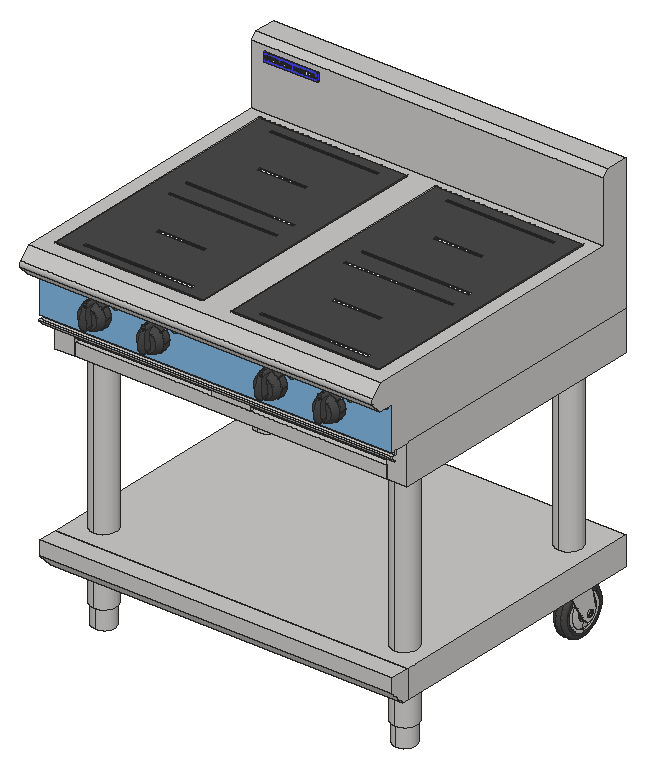
Revit family "QF_Moffat_IN514R3-LS_Induction_Cooktop_cat", category Specialty Equipment, Revit 2019
Family settings
  Round Connector Dimension = Use Diameter
  Part Type = Normal
  Work Plane-Based = No
  Always vertical = Yes
  Cut with Voids When Loaded = No
  Shared = No
  Room Calculation Point = No
Parameters (values of type "IN514R3-LS_415/60/3")
  Weight in Kilograms = 105
  Watts = 8300 W
  Volts = 415 V
  URL Cutsheet = ""
  Specification by User = ""
  Specification by Manufacturer = ""
  Show Logo [instance] = yes
  Show Legs [instance] = not(Show Castors)  # no
  Show Castors [instance] = yes
  Serial Number = ""
  Seismic Rating = ""
  SMACNA No = ""
  Revision Code = ""
  Phase = 3
  Number of Poles = 1
  NAFEM Spec ID Number = ""
  Model = "IN514R3-LS"
  Min Ckt Ampacity = 0 A
  Max Overcurrent Protection = 0 A
  Masterspec = ""
  Manufacturer = "Moffat"
  Length = 900 mm
  Item Number = ""
  Installed By = ""
  Identify Quantity as Lot = yes
  Height = 1085 mm
  HP = ""
  Furnished By = ""
  Foodservice Equipment Identifier = yes
  FL Amps = 20 A
  Electrical Remarks = ""
  Electric Connection Type = ""
  Elec Conn RI Height = 0 mm
  Elec Conn Connection Height = 0 mm
  Description = "Induction Cooktop"
  Depth = 812.2 mm
  Cycle = 60 Hz
  Conn Plug = ""
  Conn Conduit = yes
  CSI MasterFormat = ""
  Apparent Power = if(Phase = 3, Volts * FL Amps * 1.73, Volts * FL Amps)  # 14359 VA
Reference planes
  plane 1 "BACK": y = 0
  plane 2: z = 0
  plane 3 "LEFT": x = 0
  plane 4 "RIGHT": x = 900
  plane 5 "FRONT": y = -812.2
  plane 6 "TOP": z = 1085
  plane 7 "Center Y": x = 450
  plane 8 "Center X": y = -406.1
  plane 9: x = 65.5
  plane 10: x = 834.5
  plane 11: y = -30
  plane 12: x = 770
  plane 13: z = 635
  plane 14: y = -100
  plane 15: y = -625
  plane 16: z = 150
Forms (mm)
  Extrusion 1, solid, material "QF_Metal_Stainless_Polished"
    sketch origin (0, 0, 560) x (0, 1, 0) y (0, 0, 1)
      loop
        line (0, 180) -> (0, 525) -> (-57, 525) -> (-70, 512) -> (-70, 354.5) -> (-784.171, 354.5) -> (-808.685, 329.985)
        arc (-808.685, 329.985) -> (-812.2, 321.5) -> (-808.685, 313.015) r 12
        line (-808.685, 313.015) -> (-785.171, 289.5) -> (-749, 289.5) -> (-749, 180) -> (0, 180)
    from 0 to 900
  Extrusion 2, void
    sketch origin (0, -784.171, 914.5) x (0, 1, 0) y (-1, 0, 0)
      loop
        arc (44.671, -33.5) -> (40.428, -35.257) -> (38.671, -39.5) r 6
        line (38.671, -39.5) -> (38.671, -410.5)
        arc (38.671, -410.5) -> (40.428, -414.743) -> (44.671, -416.5) r 6
        line (44.671, -416.5) -> (690.671, -416.5)
        arc (690.671, -416.5) -> (694.913, -414.743) -> (696.671, -410.5) r 6
        line (696.671, -410.5) -> (696.671, -39.5)
        arc (696.671, -39.5) -> (694.913, -35.257) -> (690.671, -33.5) r 6
        line (690.671, -33.5) -> (44.671, -33.5)
      loop
        arc (44.671, -483.5) -> (40.428, -485.257) -> (38.671, -489.5) r 6
        line (38.671, -489.5) -> (38.671, -860.5)
        arc (38.671, -860.5) -> (40.428, -864.743) -> (44.671, -866.5) r 6
        line (44.671, -866.5) -> (690.671, -866.5)
        arc (690.671, -866.5) -> (694.913, -864.743) -> (696.671, -860.5) r 6
        line (696.671, -860.5) -> (696.671, -489.5)
        arc (696.671, -489.5) -> (694.913, -485.257) -> (690.671, -483.5) r 6
        line (690.671, -483.5) -> (44.671, -483.5)
    from 0 to -9.5
  Extrusion 3, solid, material "QF_Plastic_White_Smooth"
    sketch origin (0, -784.171, 905) x (0, 1, 0) y (-1, 0, 0)
      loop
        line (660.921, -362.5) -> (666.921, -362.5) -> (666.921, -87.5) -> (660.921, -87.5) -> (660.921, -362.5)
      loop
        line (526.421, -285) -> (532.421, -285) -> (532.421, -165) -> (526.421, -165) -> (526.421, -285)
      loop
        line (397.921, -87.5) -> (391.921, -87.5) -> (391.921, -362.5) -> (397.921, -362.5) -> (397.921, -87.5)
      loop
        line (337.421, -362.5) -> (343.421, -362.5) -> (343.421, -87.5) -> (337.421, -87.5) -> (337.421, -362.5)
      loop
        line (202.921, -285) -> (208.921, -285) -> (208.921, -165) -> (202.921, -165) -> (202.921, -285)
      loop
        line (68.421, -362.5) -> (74.421, -362.5) -> (74.421, -87.5) -> (68.421, -87.5) -> (68.421, -362.5)
      loop
        line (68.421, -812.5) -> (74.421, -812.5) -> (74.421, -537.5) -> (68.421, -537.5) -> (68.421, -812.5)
      loop
        line (202.921, -735) -> (208.921, -735) -> (208.921, -615) -> (202.921, -615) -> (202.921, -735)
      loop
        line (343.421, -537.5) -> (337.421, -537.5) -> (337.421, -812.5) -> (343.421, -812.5) -> (343.421, -537.5)
      loop
        line (391.921, -812.5) -> (397.921, -812.5) -> (397.921, -537.5) -> (391.921, -537.5) -> (391.921, -812.5)
      loop
        line (526.421, -735) -> (532.421, -735) -> (532.421, -615) -> (526.421, -615) -> (526.421, -735)
      loop
        line (660.921, -812.5) -> (666.921, -812.5) -> (666.921, -537.5) -> (660.921, -537.5) -> (660.921, -812.5)
    from 0 to 9.5
  Extrusion 4, solid, material "QF_Plastic_Black_Smooth"
    sketch origin (0, -784.171, 914.5) x (0, 1, 0) y (-1, 0, 0)
      loop
        line (690.671, -37.5) -> (44.671, -37.5)
        arc (44.671, -37.5) -> (43.256, -38.086) -> (42.671, -39.5) r 2
        line (42.671, -39.5) -> (42.671, -410.5)
        arc (42.671, -410.5) -> (43.256, -411.914) -> (44.671, -412.5) r 2
        line (44.671, -412.5) -> (690.671, -412.5)
        arc (690.671, -412.5) -> (692.085, -411.914) -> (692.671, -410.5) r 2
        line (692.671, -410.5) -> (692.671, -39.5)
        arc (692.671, -39.5) -> (692.085, -38.086) -> (690.671, -37.5) r 2
      loop
        line (690.671, -487.5) -> (44.671, -487.5)
        arc (44.671, -487.5) -> (43.256, -488.086) -> (42.671, -489.5) r 2
        line (42.671, -489.5) -> (42.671, -860.5)
        arc (42.671, -860.5) -> (43.256, -861.914) -> (44.671, -862.5) r 2
        line (44.671, -862.5) -> (690.671, -862.5)
        arc (690.671, -862.5) -> (692.085, -861.914) -> (692.671, -860.5) r 2
        line (692.671, -860.5) -> (692.671, -489.5)
        arc (692.671, -489.5) -> (692.085, -488.086) -> (690.671, -487.5) r 2
      loop
        line (666.921, -362.5) -> (666.921, -87.5) -> (660.921, -87.5) -> (660.921, -362.5) -> (666.921, -362.5)
      loop
        line (532.421, -285) -> (532.421, -165) -> (526.421, -165) -> (526.421, -285) -> (532.421, -285)
      loop
        line (397.921, -362.5) -> (397.921, -87.5) -> (391.921, -87.5) -> (391.921, -362.5) -> (397.921, -362.5)
      loop
        line (343.421, -87.5) -> (337.421, -87.5) -> (337.421, -362.5) -> (343.421, -362.5) -> (343.421, -87.5)
      loop
        line (208.921, -165) -> (202.921, -165) -> (202.921, -285) -> (208.921, -285) -> (208.921, -165)
      loop
        line (68.421, -362.5) -> (74.421, -362.5) -> (74.421, -87.5) -> (68.421, -87.5) -> (68.421, -362.5)
      loop
        line (666.921, -537.5) -> (660.921, -537.5) -> (660.921, -812.5) -> (666.921, -812.5) -> (666.921, -537.5)
      loop
        line (532.421, -615) -> (526.421, -615) -> (526.421, -735) -> (532.421, -735) -> (532.421, -615)
      loop
        line (397.921, -537.5) -> (391.921, -537.5) -> (391.921, -812.5) -> (397.921, -812.5) -> (397.921, -537.5)
      loop
        line (343.421, -812.5) -> (343.421, -537.5) -> (337.421, -537.5) -> (337.421, -812.5) -> (343.421, -812.5)
      loop
        line (208.921, -735) -> (208.921, -615) -> (202.921, -615) -> (202.921, -735) -> (208.921, -735)
      loop
        line (68.421, -537.5) -> (68.421, -812.5) -> (74.421, -812.5) -> (74.421, -537.5) -> (68.421, -537.5)
    from 0 to -9.5
  Extrusion 5, solid, material "QF_Metal_Stainless_Polished"
    sketch origin (0, 0, 600) x (0, 1, 0) y (0, 0, 1)
      loop
        line (-737.8, 140) -> (-737.8, 130) -> (-747.305, 130)
        arc (-747.305, 130) -> (-750.276, 128.015) -> (-749.579, 124.511) r 3.215
        line (-749.579, 124.511) -> (-739.05, 113.982) -> (-737.919, 115.113) -> (-748.447, 125.642)
        arc (-748.447, 125.642) -> (-748.797, 127.403) -> (-747.305, 128.4) r 1.615
        line (-747.305, 128.4) -> (-736.2, 128.4) -> (-736.2, 140) -> (-737.8, 140)
    from 0 to 900
  Extrusion 6, solid, material "QF_Plastic_Black_Smooth"
    sketch origin (0, -749, 741.875) x (0, 0, 1) y (-1, 0, 0)
      loop
        circle (99.343, -13.157) r 5
      loop
        circle (99.343, -886.843) r 5
      loop
        circle (99.343, -150) r 5
      loop
        circle (99.343, -300) r 5
      loop
        circle (99.343, -600) r 5
      loop
        circle (99.343, -750) r 5
    from 0 to 1.6
  Extrusion 7, solid, material "QF_Metal_Stainless_Polished"
    sketch origin (0, -699, 640) x (0, 1, 0) y (1, 0, 0)
      loop
        circle (669, 770) r 6.35
    from 0 to 1.6
  Extrusion 8, solid, material "QF_Metal_Stainless_Polished"
    sketch origin (0, -699, 645) x (1, 0, 0) y (0, -1, 0)
      loop
        line (0, -699) -> (900, -699) -> (900, 0) -> (849.2, 0) -> (849.2, -25.4) -> (50.8, -25.4) -> (50.8, 0) -> (0, 0) -> (0, -699)
    from 5 to -95
  Revolve 9, solid, material "QF_Metal_Stainless_Polished"
    sketch origin (65.5, -4572, 255.2) x (0, 0, -1) y (0, -1, 0)
      loop
        line (32.7, -4503.75) -> (32.7, -4472) -> (-384.8, -4472) -> (-384.8, -4503.75) -> (32.7, -4503.75)
      axis (-384.8, -4472) -> (32.7, -4472)
    angle from 0 to 360
  Revolve 10, solid, material "QF_Metal_Stainless_Polished"
    sketch origin (65.5, -4572, 255.2) x (0, 0, -1) y (0, -1, 0)
      loop
        line (255.2, -3974.5) -> (255.2, -3947) -> (-384.8, -3947) -> (-384.8, -3978.75) -> (205.2, -3978.75) -> (205.2, -3974.5) -> (255.2, -3974.5)
      axis (-384.8, -3947) -> (255.2, -3947)
    angle from 0 to 360
  Revolve 11, solid, material "QF_Metal_Stainless_Polished"
    sketch origin (834.5, -4572, 255.2) x (0, 0, -1) y (0, 1, 0)
      loop
        line (32.7, 4503.75) -> (-384.8, 4503.75) -> (-384.8, 4472) -> (32.7, 4472) -> (32.7, 4503.75)
      axis (-384.8, 4472) -> (32.7, 4472)
    angle from 0 to 360
  Revolve 12, solid, material "QF_Metal_Stainless_Polished"
    sketch origin (834.5, -4572, 255.2) x (0, 0, -1) y (0, 1, 0)
      loop
        line (255.2, 3974.5) -> (205.2, 3974.5) -> (205.2, 3978.75) -> (-384.8, 3978.75) -> (-384.8, 3947) -> (255.2, 3947) -> (255.2, 3974.5)
      axis (-384.8, 3947) -> (255.2, 3947)
    angle from 0 to 360
  Extrusion 13, solid, material "QF_Metal_Stainless_Polished"
    sketch origin (0, 0, 0) x (0, 1, 0) y (0, 0, 1)
      loop
        line (-747.95, 186) -> (-711.95, 150) -> (-697.95, 150) -> (-697.95, 222.5) -> (-747.95, 222.5) -> (-747.95, 186)
    from 0 to 900
  Extrusion 14, solid, material "QF_Metal_Stainless_Polished"
    sketch origin (0, 0, 0) x (0, 1, 0) y (0, 0, 1)
      loop
        line (-697.95, 222.5) -> (-697.95, 150) -> (0, 150) -> (0, 222.5) -> (-697.95, 222.5)
    from 0 to 900
  Revolve 15, solid, material "QF_Metal_Stainless_Polished", visible <- "Show Legs"
    sketch origin (65.5, -4047, 255.2) x (0, 0, -1) y (0, -1, 0)
      loop
        line (255.2, -3974.5) -> (255.2, -3947) -> (105.2, -3947) -> (105.2, -3978.75) -> (205.2, -3978.75) -> (205.2, -3974.5) -> (255.2, -3974.5)
      axis (105.2, -3947) -> (255.2, -3947)
    angle from 0 to 360
  Revolve 16, solid, material "QF_Metal_Stainless_Polished", visible <- "Show Legs"
    sketch origin (834.5, -4047, 255.2) x (0, 0, -1) y (0, -1, 0)
      loop
        line (255.2, -3974.5) -> (255.2, -3947) -> (105.2, -3947) -> (105.2, -3978.75) -> (205.2, -3978.75) -> (205.2, -3974.5) -> (255.2, -3974.5)
      axis (105.2, -3947) -> (255.2, -3947)
    angle from 0 to 360
  Extrusion 17, solid, material "QF_Paint_Green"
    sketch origin (-87.5, -749, 742.2) x (0, 0, 1) y (-1, 0, 0)
      loop
        circle (84.8, -282.5) r 7.15
    from 0 to 1.6
  Extrusion 18, solid, material "QF_Metal_Stainless_Polished"
    sketch origin (849.2, -673.6, 645) x (-1, 0, 0) y (0, 0, -1)
      loop
        line (0, 5) -> (0, -27.7) -> (798.4, -27.7) -> (798.4, 5) -> (0, 5)
      loop
        line (450, -37.7) -> (450, -61.4) -> (798.4, -61.4) -> (798.4, -37.7) -> (450, -37.7)
      loop
        line (0, -62.4) -> (0, -95) -> (798.4, -95) -> (798.4, -62.4) -> (0, -62.4)
      loop
        line (348.4, -37.7) -> (0, -37.7) -> (0, -61.4) -> (348.4, -61.4) -> (348.4, -37.7)
    from 0 to 25.4
  Extrusion 19, solid, material "QF_Metal_Stainless_Polished"
    sketch origin (849.2, -673.6, 645) x (1, 0, 0) y (0, 0, -1)
      loop
        line (-348.4, -62.4) -> (-348.4, -27.7) -> (-450, -27.7) -> (-450, -62.4) -> (-348.4, -62.4)
    from 0 to -25.4
  Extrusion 20, solid, material "QF_Paint_Green"
    sketch origin (62.5, -749, 742.2) x (0, 0, 1) y (-1, 0, 0)
      loop
        circle (84.8, -282.5) r 7.15
    from 0 to 1.6
  Extrusion 21, solid, material "QF_Paint_Green"
    sketch origin (362.5, -749, 742.2) x (0, 0, 1) y (-1, 0, 0)
      loop
        circle (84.8, -282.5) r 7.15
    from 0 to 1.6
  Extrusion 22, solid, material "QF_Paint_Green"
    sketch origin (512.5, -749, 742.2) x (0, 0, 1) y (-1, 0, 0)
      loop
        circle (84.8, -282.5) r 7.15
    from 0 to 1.6
Cuts and joins
  Extrusion 2 cuts Extrusion 1
  joined: Revolve 10, Revolve 12, Extrusion 14
Lines and regions (mm)
  symbolic lines
    curve 1: line (0, 0, 0) -> (900, 0, 0)
    curve 2: line (0, -812.2, 0) -> (0, 0, 0)
    curve 3: line (900, -812.2, 0) -> (0, -812.2, 0)
    curve 4: line (900, 0, 0) -> (900, -812.2, 0)
    curve 5: line (0, -57, 0) -> (900, -57, 0)
    curve 6: line (0, -70, 0) -> (900, -70, 0)
    curve 7: line (0, -784.171, 0) -> (900, -784.171, 0)
    curve 8: arc (33.5, -93.5, 0) -> (35.257, -89.257, 0) -> (39.5, -87.5, 0) r 6
    curve 9: line (39.5, -87.5, 0) -> (410.5, -87.5, 0)
    curve 10: arc (410.5, -87.5, 0) -> (414.743, -89.257, 0) -> (416.5, -93.5, 0) r 6
    curve 11: line (416.5, -93.5, 0) -> (416.5, -739.5, 0)
    curve 12: arc (416.5, -739.5, 0) -> (414.743, -743.743, 0) -> (410.5, -745.5, 0) r 6
    curve 13: line (410.5, -745.5, 0) -> (39.5, -745.5, 0)
    curve 14: arc (39.5, -745.5, 0) -> (35.257, -743.743, 0) -> (33.5, -739.5, 0) r 6
    curve 15: line (33.5, -739.5, 0) -> (33.5, -93.5, 0)
    curve 16: line (410.5, -91.5, 0) -> (39.5, -91.5, 0)
    curve 17: arc (39.5, -91.5, 0) -> (38.086, -92.086, 0) -> (37.5, -93.5, 0) r 2
    curve 18: line (37.5, -93.5, 0) -> (37.5, -739.5, 0)
    curve 19: arc (37.5, -739.5, 0) -> (38.086, -740.914, 0) -> (39.5, -741.5, 0) r 2
    curve 20: line (39.5, -741.5, 0) -> (410.5, -741.5, 0)
    curve 21: arc (410.5, -741.5, 0) -> (411.914, -740.914, 0) -> (412.5, -739.5, 0) r 2
    curve 22: line (412.5, -739.5, 0) -> (412.5, -93.5, 0)
    curve 23: arc (412.5, -93.5, 0) -> (411.914, -92.086, 0) -> (410.5, -91.5, 0) r 2
    curve 24: line (362.5, -123.25, 0) -> (87.5, -123.25, 0)
    curve 25: line (87.5, -123.25, 0) -> (87.5, -117.25, 0)
    curve 26: line (87.5, -117.25, 0) -> (362.5, -117.25, 0)
    curve 27: line (362.5, -117.25, 0) -> (362.5, -123.25, 0)
    curve 28: line (285, -257.75, 0) -> (165, -257.75, 0)
    curve 29: line (165, -257.75, 0) -> (165, -251.75, 0)
    curve 30: line (165, -251.75, 0) -> (285, -251.75, 0)
    curve 31: line (285, -251.75, 0) -> (285, -257.75, 0)
    curve 32: line (362.5, -446.75, 0) -> (87.5, -446.75, 0)
    curve 33: line (87.5, -446.75, 0) -> (87.5, -440.75, 0)
    curve 34: line (87.5, -440.75, 0) -> (362.5, -440.75, 0)
    curve 35: line (362.5, -440.75, 0) -> (362.5, -446.75, 0)
    curve 36: line (87.5, -386.25, 0) -> (362.5, -386.25, 0)
    curve 37: line (362.5, -386.25, 0) -> (362.5, -392.25, 0)
    curve 38: line (362.5, -392.25, 0) -> (87.5, -392.25, 0)
    curve 39: line (87.5, -392.25, 0) -> (87.5, -386.25, 0)
    curve 40: line (165, -581.25, 0) -> (285, -581.25, 0)
    curve 41: line (285, -581.25, 0) -> (285, -575.25, 0)
    curve 42: line (285, -575.25, 0) -> (165, -575.25, 0)
    curve 43: line (165, -575.25, 0) -> (165, -581.25, 0)
    curve 44: line (362.5, -709.75, 0) -> (87.5, -709.75, 0)
    curve 45: line (87.5, -709.75, 0) -> (87.5, -715.75, 0)
    curve 46: line (87.5, -715.75, 0) -> (362.5, -715.75, 0)
    curve 47: line (362.5, -715.75, 0) -> (362.5, -709.75, 0)
    curve 48: line (537.5, -715.75, 0) -> (812.5, -715.75, 0)
    curve 49: line (812.5, -715.75, 0) -> (812.5, -709.75, 0)
    curve 50: line (812.5, -709.75, 0) -> (537.5, -709.75, 0)
    curve 51: line (537.5, -709.75, 0) -> (537.5, -715.75, 0)
    curve 52: line (615, -581.25, 0) -> (735, -581.25, 0)
    curve 53: line (735, -581.25, 0) -> (735, -575.25, 0)
    curve 54: line (735, -575.25, 0) -> (615, -575.25, 0)
    curve 55: line (615, -575.25, 0) -> (615, -581.25, 0)
    curve 56: line (537.5, -440.75, 0) -> (812.5, -440.75, 0)
    curve 57: line (812.5, -440.75, 0) -> (812.5, -446.75, 0)
    curve 58: line (812.5, -446.75, 0) -> (537.5, -446.75, 0)
    curve 59: line (537.5, -446.75, 0) -> (537.5, -440.75, 0)
    curve 60: line (812.5, -392.25, 0) -> (537.5, -392.25, 0)
    curve 61: line (537.5, -392.25, 0) -> (537.5, -386.25, 0)
    curve 62: line (537.5, -386.25, 0) -> (812.5, -386.25, 0)
    curve 63: line (812.5, -386.25, 0) -> (812.5, -392.25, 0)
    curve 64: line (735, -257.75, 0) -> (615, -257.75, 0)
    curve 65: line (615, -257.75, 0) -> (615, -251.75, 0)
    curve 66: line (615, -251.75, 0) -> (735, -251.75, 0)
    curve 67: line (735, -251.75, 0) -> (735, -257.75, 0)
    curve 68: line (812.5, -123.25, 0) -> (537.5, -123.25, 0)
    curve 69: line (537.5, -123.25, 0) -> (537.5, -117.25, 0)
    curve 70: line (537.5, -117.25, 0) -> (812.5, -117.25, 0)
    curve 71: line (812.5, -117.25, 0) -> (812.5, -123.25, 0)
    curve 72: line (489.5, -87.5, 0) -> (860.5, -87.5, 0)
    curve 73: arc (860.5, -87.5, 0) -> (864.743, -89.257, 0) -> (866.5, -93.5, 0) r 6
    curve 74: line (866.5, -93.5, 0) -> (866.5, -739.5, 0)
    curve 75: arc (866.5, -739.5, 0) -> (864.743, -743.743, 0) -> (860.5, -745.5, 0) r 6
    curve 76: line (860.5, -745.5, 0) -> (489.5, -745.5, 0)
    curve 77: arc (489.5, -745.5, 0) -> (485.257, -743.743, 0) -> (483.5, -739.5, 0) r 6
    curve 78: line (483.5, -739.5, 0) -> (483.5, -93.5, 0)
    curve 79: arc (483.5, -93.5, 0) -> (485.257, -89.257, 0) -> (489.5, -87.5, 0) r 6
    curve 80: line (860.5, -91.5, 0) -> (489.5, -91.5, 0)
    curve 81: arc (489.5, -91.5, 0) -> (488.086, -92.086, 0) -> (487.5, -93.5, 0) r 2
    curve 82: line (487.5, -93.5, 0) -> (487.5, -739.5, 0)
    curve 83: arc (487.5, -739.5, 0) -> (488.086, -740.914, 0) -> (489.5, -741.5, 0) r 2
    curve 84: line (489.5, -741.5, 0) -> (860.5, -741.5, 0)
    curve 85: arc (860.5, -741.5, 0) -> (861.914, -740.914, 0) -> (862.5, -739.5, 0) r 2
    curve 86: line (862.5, -739.5, 0) -> (862.5, -93.5, 0)
    curve 87: arc (862.5, -93.5, 0) -> (861.914, -92.086, 0) -> (860.5, -91.5, 0) r 2
Dimensions and locks
  equal spacing: plane 3 "LEFT", plane 7 "Center Y", plane 4 "RIGHT"
  "Length": plane 3 "LEFT" to plane 4 "RIGHT"
  equal spacing: plane 5 "FRONT", plane 8 "Center X", plane 1 "BACK"
  "Depth": plane 5 "FRONT" to plane 1 "BACK"
  "Height": plane 6 "TOP" to level
  plane 9 to plane 10 = 769 mm
  plane 4 "RIGHT" to plane 3 "LEFT" = 900 mm
  plane 1 "BACK" to cut or joined group of Extrusion 1, Extrusion 2 = 70 mm
  plane 1 "BACK" to plane 5 "FRONT" = 812.2 mm
  plane 6 "TOP" to plane 2 = 1085 mm
  cut or joined group of Extrusion 1, Extrusion 2 to plane 2 = 914.5 mm
  locked: plane 12 to plane 4 "RIGHT" at 130
  plane 1 "BACK" to plane 11 = 30 mm
  plane 1 "BACK" to plane 14 to plane 15 = 100 mm, 525 mm
  plane 2 to plane 13 = 635 mm
  plane 16 to plane 2 = 150 mm
  aligned and locked: level to plane 2
Automatic sketch dimensions
  Extrusion 1 sketch curve to plane 6 "TOP" = 0 mm
  Extrusion 1 sketch curve to plane 1 "BACK" = 0 mm
  plane 11 to Extrusion 1 sketch curve = 27 mm
  Extrusion 1 sketch curve to plane 6 "TOP" = 13 mm
  Extrusion 1 sketch curve to Extrusion 1 sketch curve = 13 mm
  Extrusion 1 sketch curve to plane 5 "FRONT" = 63.2 mm
  Extrusion 1 sketch curve to plane 5 "FRONT" = 28.029 mm
  Extrusion 1 sketch curve to plane 5 "FRONT" = 27.029 mm
  Extrusion 1 sketch curve to plane 5 "FRONT" = 12 mm
  Extrusion 1 sketch curve to plane 5 "FRONT" = 3.515 mm  (x2)
  Extrusion 1 sketch curve to plane 6 "TOP" = 170.5 mm
  Extrusion 1 sketch curve to Extrusion 1 sketch curve = 24.515 mm
  Extrusion 1 sketch curve to Extrusion 1 sketch curve = 8.485 mm
  Extrusion 1 sketch curve to Extrusion 1 sketch curve = 32 mm
  Extrusion 1 sketch curve to plane 13 = 105 mm
  Extrusion 5 sketch curve to Extrusion 5 sketch curve = 0 mm  (x2)
  Extrusion 5 sketch curve to plane 5 "FRONT" = 62.621 mm
  Extrusion 5 sketch curve to Extrusion 5 sketch curve = 1.131 mm  (x3)
  Extrusion 5 sketch curve to Extrusion 5 sketch curve = 1.142 mm  (x2)
  Extrusion 5 sketch curve to Extrusion 5 sketch curve = 10.529 mm
  Extrusion 5 sketch curve to Extrusion 5 sketch curve = 9.505 mm
  Extrusion 5 sketch curve to Extrusion 5 sketch curve = 1.6 mm
  Extrusion 5 sketch curve to plane 13 = 78.982 mm
  Extrusion 5 sketch curve to Extrusion 5 sketch curve = 10 mm
  Extrusion 8 to Extrusion 7 sketch curve = 30 mm
  Extrusion 7 sketch curve to Extrusion 8 = 79.2 mm
  plane 1 "BACK" to Extrusion 8 sketch curve = 0 mm
  Extrusion 8 sketch curve to plane 3 "LEFT" = 0 mm
  Extrusion 8 sketch curve to plane 4 "RIGHT" = 0 mm
  plane 9 to Extrusion 8 sketch curve = 14.7 mm
  Extrusion 8 sketch curve to plane 10 = 14.7 mm
  plane 15 to Extrusion 8 sketch curve = 48.6 mm
  Extrusion 8 sketch curve to Extrusion 8 sketch curve = 25.4 mm  (x2)
  Revolve 9 sketch curve to plane 14 = 0 mm  (x2)
  Revolve 9 sketch curve to plane 13 = 5 mm
  Revolve 9 sketch curve to plane 14 = 31.75 mm
  plane 16 to Revolve 9 sketch curve = 72.5 mm
  Revolve 9 sketch curve to Revolve 9 sketch curve = 0 mm
  plane 16 to Revolve 9 sketch curve = 25 mm
  Revolve 10 sketch curve to plane 15 = 0 mm  (x2)
  Revolve 10 sketch curve to level = 0 mm  (x2)
  level to Revolve 10 sketch curve = 50 mm
  Revolve 10 sketch curve to plane 13 = 5 mm
  Revolve 10 sketch curve to Revolve 10 sketch curve = 27.5 mm
  Revolve 10 sketch curve to Revolve 10 sketch curve = 31.75 mm
  Revolve 10 sketch curve to Revolve 10 sketch curve = 25 mm
  Revolve 11 sketch curve to plane 14 = 0 mm  (x2)
  Revolve 11 sketch curve to plane 13 = 5 mm
  Revolve 11 sketch curve to plane 14 = 31.75 mm
  plane 16 to Revolve 11 sketch curve = 72.5 mm
  Revolve 11 sketch curve to Revolve 11 sketch curve = 0 mm
  Revolve 11 sketch curve to Revolve 11 sketch curve = 25 mm
  Revolve 12 sketch curve to plane 15 = 0 mm  (x2)
  Revolve 12 sketch curve to level = 0 mm  (x2)
  level to Revolve 12 sketch curve = 50 mm
  Revolve 12 sketch curve to plane 13 = 5 mm
  Revolve 12 sketch curve to plane 15 = 27.5 mm
  Revolve 12 sketch curve to Revolve 12 sketch curve = 4.25 mm
  Revolve 12 sketch curve to Revolve 12 sketch curve = 25 mm
  Extrusion 13 sketch curve to plane 16 = 0 mm
  Extrusion 13 sketch curve to plane 5 "FRONT" = 64.25 mm
  Extrusion 13 sketch curve to Extrusion 13 sketch curve = 36 mm
  Extrusion 13 sketch curve to Extrusion 13 sketch curve = 14 mm
  plane 16 to Extrusion 13 sketch curve = 36 mm
  Extrusion 13 sketch curve to Extrusion 13 sketch curve = 36.5 mm
  Extrusion 14 sketch curve to plane 16 = 0 mm
  Extrusion 14 sketch curve to plane 1 "BACK" = 0 mm
  plane 15 to Extrusion 14 sketch curve = 72.95 mm
  Extrusion 14 sketch curve to Extrusion 14 sketch curve = 72.5 mm
  Revolve 15 sketch curve to plane 14 = 0 mm  (x2)
  Revolve 15 sketch curve to plane 16 = 0 mm
  Revolve 15 sketch curve to level = 0 mm  (x2)
  level to Revolve 15 sketch curve = 50 mm
  Revolve 15 sketch curve to Revolve 15 sketch curve = 27.5 mm
  Revolve 15 sketch curve to plane 14 = 31.75 mm
  Revolve 15 sketch curve to Revolve 15 sketch curve = 25 mm
  Revolve 16 sketch curve to plane 14 = 0 mm  (x2)
  Revolve 16 sketch curve to plane 16 = 0 mm
  Revolve 16 sketch curve to level = 0 mm  (x2)
  level to Revolve 16 sketch curve = 50 mm
  Revolve 16 sketch curve to Revolve 16 sketch curve = 27.5 mm
  Revolve 16 sketch curve to plane 14 = 31.75 mm
  Revolve 16 sketch curve to Revolve 16 sketch curve = 25 mm
  Extrusion 1 to Extrusion 17 sketch curve = 22.5 mm
  Extrusion 1 to Extrusion 17 sketch curve = 195 mm
  Extrusion 18 sketch curve to Extrusion 8 = 0 mm  (x8)
  Extrusion 8 to Extrusion 18 sketch curve = 42.7 mm
  Extrusion 18 sketch curve to Extrusion 8 = 348.4 mm
  Extrusion 8 to Extrusion 18 sketch curve = 33.6 mm
  Extrusion 18 sketch curve to Extrusion 18 sketch curve = 101.6 mm
  Extrusion 18 sketch curve to Extrusion 18 sketch curve = 1 mm  (x2)
  Extrusion 18 sketch curve to Extrusion 18 sketch curve = 23.7 mm
  Extrusion 18 sketch curve to Extrusion 18 sketch curve = 10 mm
  Extrusion 18 to Extrusion 19 sketch curve = 0 mm
  Extrusion 19 sketch curve to Extrusion 18 = 0 mm  (x3)
  Extrusion 1 to Extrusion 20 sketch curve = 22.5 mm
  Extrusion 1 to Extrusion 20 sketch curve = 345 mm
  Extrusion 1 to Extrusion 21 sketch curve = 22.5 mm
  Extrusion 1 to Extrusion 21 sketch curve = 255 mm
  Extrusion 1 to Extrusion 22 sketch curve = 22.5 mm
  Extrusion 1 to Extrusion 22 sketch curve = 105 mm
  curve 3 to plane 3 "LEFT" = 0 mm
  curve 3 to plane 4 "RIGHT" = 0 mm
  plane 5 "FRONT" to curve 3 = 0 mm
  plane 1 "BACK" to curve 2 = 0 mm
  plane 11 to curve 5 = 27 mm
  curve 6 to curve 5 = 13 mm
  curve 2 to curve 7 = 28.029 mm
  Extrusion 1 to Extrusion 6 sketch curve = 8.282 mm  (x6)
  Extrusion 1 to Extrusion 6 sketch curve = 13.157 mm  (x2)
  Extrusion 6 sketch curve to Extrusion 6 sketch curve = 136.843 mm
  Extrusion 6 sketch curve to Extrusion 6 sketch curve = 150 mm
  Extrusion 1 to Extrusion 6 sketch curve = 300 mm
  Extrusion 1 to Extrusion 6 sketch curve = 150 mm
  Extrusion 2 sketch curve to Extrusion 1 = 38.671 mm  (x2)
  Extrusion 2 sketch curve to Extrusion 2 sketch curve = 6 mm  (x6)
  Extrusion 1 to Extrusion 2 sketch curve = 23.5 mm  (x4)
  Extrusion 1 to Extrusion 2 sketch curve = 416.5 mm
  Extrusion 1 to Extrusion 2 sketch curve = 39.5 mm  (x2)
  Extrusion 2 sketch curve to Extrusion 2 sketch curve = 67 mm
  Extrusion 4 sketch curve to Extrusion 1 = 42.671 mm  (x2)
  Extrusion 4 sketch curve to Extrusion 4 sketch curve = 2 mm  (x6)
  Extrusion 4 sketch curve to Extrusion 4 sketch curve = 23.75 mm  (x2)
  Extrusion 4 sketch curve to Extrusion 4 sketch curve = 6 mm  (x12)
  Extrusion 4 sketch curve to Extrusion 4 sketch curve = 128.5 mm  (x6)
  Extrusion 4 sketch curve to Extrusion 4 sketch curve = 48.5 mm  (x2)
  Extrusion 1 to Extrusion 4 sketch curve = 53.25 mm  (x2)
  Extrusion 1 to Extrusion 4 sketch curve = 23.5 mm  (x4)
  Extrusion 1 to Extrusion 4 sketch curve = 37.5 mm
  Extrusion 1 to Extrusion 4 sketch curve = 87.5 mm  (x4)
  Extrusion 4 sketch curve to Extrusion 4 sketch curve = 0 mm  (x4)
  Extrusion 4 sketch curve to Extrusion 4 sketch curve = 48 mm  (x5)
  Extrusion 4 sketch curve to Extrusion 4 sketch curve = 77.5 mm  (x7)
  Extrusion 4 sketch curve to Extrusion 4 sketch curve = 120 mm  (x4)
  Extrusion 4 sketch curve to Extrusion 4 sketch curve = 75 mm
  Extrusion 4 sketch curve to Extrusion 4 sketch curve = 175 mm
  Extrusion 1 to Extrusion 4 sketch curve = 39.5 mm
  Extrusion 3 sketch curve to Extrusion 2 = 35.75 mm  (x3)
  Extrusion 3 sketch curve to Extrusion 3 sketch curve = 6 mm  (x12)
  Extrusion 3 sketch curve to Extrusion 2 = 54 mm  (x15)
  Extrusion 3 sketch curve to Extrusion 3 sketch curve = 128.5 mm  (x6)
  Extrusion 3 sketch curve to Extrusion 2 = 131.5 mm  (x4)
  Extrusion 3 sketch curve to Extrusion 3 sketch curve = 120 mm  (x4)
  Extrusion 3 sketch curve to Extrusion 3 sketch curve = 48.5 mm  (x2)
  Extrusion 3 sketch curve to Extrusion 3 sketch curve = 0 mm
  Extrusion 3 sketch curve to Extrusion 2 = 29.75 mm
  plane 9 to curve 15 = 32 mm
  curve 14 to curve 14 = 6 mm
  curve 8 to curve 8 = 6 mm
  curve 13 to plane 7 "Center Y" = 39.5 mm
  curve 9 to plane 14 = 12.5 mm
  curve 9 to plane 7 "Center Y" = 39.5 mm
  curve 12 to curve 11 = 6 mm
  curve 13 to plane 5 "FRONT" = 66.7 mm
  curve 8 to curve 17 = 0 mm  (x2)
  curve 10 to curve 23 = 0 mm  (x2)
  curve 12 to curve 21 = 0 mm  (x2)
  curve 14 to curve 19 = 0 mm
  curve 18 to curve 8 = 2 mm
  curve 24 to plane 9 = 22 mm
  plane 14 to curve 27 = 17.25 mm
  curve 27 to curve 23 = 48 mm
  curve 24 to curve 25 = 6 mm
  curve 28 to plane 9 = 99.5 mm
  curve 29 to curve 31 = 120 mm
  plane 8 "Center X" to curve 28 = 148.35 mm
  curve 28 to curve 30 = 6 mm
  curve 32 to plane 9 = 22 mm
  curve 32 to plane 8 "Center X" = 40.65 mm
  curve 32 to plane 7 "Center Y" = 87.5 mm
  curve 32 to curve 33 = 6 mm
  curve 39 to plane 9 = 22 mm
  plane 8 "Center X" to curve 37 = 13.85 mm
  curve 37 to curve 34 = 0 mm
  curve 37 to curve 37 = 6 mm
  curve 40 to plane 15 = 43.75 mm
  curve 40 to plane 9 = 99.5 mm
  curve 42 to plane 15 = 49.75 mm
  curve 42 to curve 42 = 120 mm
  curve 44 to plane 9 = 22 mm
  curve 44 to curve 21 = 48 mm
  curve 21 to curve 47 = 23.75 mm
  curve 45 to curve 44 = 6 mm
  plane 7 "Center Y" to curve 50 = 87.5 mm
  plane 10 to curve 50 = 22 mm
  plane 15 to curve 48 = 90.75 mm
  curve 48 to curve 51 = 6 mm
  curve 52 to plane 15 = 43.75 mm
  curve 50 to curve 52 = 77.5 mm
  plane 12 to curve 52 = 35 mm
  curve 52 to curve 53 = 6 mm
  curve 56 to plane 8 "Center X" = 34.65 mm
  plane 7 "Center Y" to curve 56 = 87.5 mm
  plane 10 to curve 56 = 22 mm
  curve 58 to curve 56 = 6 mm
  plane 8 "Center X" to curve 62 = 19.85 mm
  curve 62 to curve 56 = 0 mm
  plane 10 to curve 63 = 22 mm
  curve 60 to curve 61 = 6 mm
  curve 61 to curve 64 = 77.5 mm
  plane 12 to curve 67 = 35 mm
  plane 8 "Center X" to curve 64 = 148.35 mm
  curve 64 to curve 66 = 6 mm
  plane 14 to curve 70 = 17.25 mm
  plane 7 "Center Y" to curve 70 = 87.5 mm
  plane 10 to curve 71 = 22 mm
  curve 71 to curve 70 = 6 mm
  curve 78 to plane 14 = 6.5 mm
  plane 7 "Center Y" to curve 78 = 33.5 mm
  curve 78 to curve 79 = 6 mm
  curve 77 to curve 77 = 6 mm
  curve 72 to plane 10 = 26 mm
  curve 76 to plane 10 = 26 mm
  curve 75 to curve 74 = 6 mm
  curve 7 to curve 76 = 38.671 mm
  curve 73 to curve 87 = 0 mm  (x2)
  curve 75 to curve 85 = 0 mm  (x2)
  curve 77 to curve 83 = 0 mm  (x2)
  curve 79 to curve 81 = 0 mm
  curve 82 to curve 79 = 2 mm
  radius of Extrusion 7 sketch curve = 6.35 mm
  radius of Extrusion 17 sketch curve = 7.15 mm
  radius of Extrusion 20 sketch curve = 7.15 mm
  radius of Extrusion 21 sketch curve = 7.15 mm
  radius of Extrusion 22 sketch curve = 7.15 mm
  radius of Extrusion 6 sketch curve = 5 mm  (x6)
Nested families
  nested 1: "QF_LOGO_BLue Seal" at (32, -70, 1034.385), visible <- "Show Logo", type "QF_LOGO_BLue Seal"
  nested 2: "6 INCHES 02_CASTER" at (65.5, -100, 0), Show Casters <- "Show Castors", type "6 INCHES 02_CASTER"
    with Type Mark "", Specification by User "", Show Casters yes, Revision Code "", Item Number "", Installed By "", Identify Quantity as Lot yes, Furnished By "", Foodservice Equipment Identifier yes
  nested 3: "6 INCHES 02_CASTER" at (834.5, -100, 0), Show Casters <- "Show Castors", type "6 INCHES 02_CASTER"
    with Type Mark "", Specification by User "", Show Casters yes, Revision Code "", Item Number "", Installed By "", Identify Quantity as Lot yes, Furnished By "", Foodservice Equipment Identifier yes
  nested 4: "Knob" at (117.5, -739.5, 764.5), type "Knob"
  nested 5: "Knob" at (267.5, -739.5, 764.5), type "Knob"
  nested 6: "Knob" at (567.5, -739.5, 764.5), type "Knob"
  nested 7: "Knob" at (717.5, -739.5, 764.5), type "Knob"
Connectors
  electrical at (770, -30, 638.4), driven by "Volts", driven by "Watts"
    settings: on Extrusion 7, index 1, voltage 415 V, apparent load 8300 VA, apparent load phase1 0 VA, apparent load phase2 0 VA, apparent load phase3 0 VA, power factor 1, load classification "Other", number of poles 1, system type 30, power factor state 1, is connector primary yes, connector utility no, sub classification motor no, connector description "Electrical Connection"
Definition of nested family "QF_LOGO_BLue Seal"
  Parameters (values of type "QF_LOGO_BLue Seal")
    Weight in Pounds = 0
    URL Cutsheet = ""
    Specification by User = ""
    Specification by Manufacturer = ""
    Serial Number = ""
    Seismic Rating = ""
    SMACNA No = ""
    Revision Code = ""
    NAFEM Spec ID Number = ""
    Masterspec = ""
    Length = 138 mm
    Item Number = ""
    Installed By = ""
    Identify Quantity as Lot = yes
    Height = 23 mm
    Furnished By = ""
    Foodservice Equipment Identifier = yes
    Depth = 3.175 mm
    CSI MasterFormat = ""
  Reference planes
    plane 1 "BACK": y = 0
    plane 2: z = 0
    plane 3 "LEFT": x = 0
    plane 4 "RIGHT": x = 138
    plane 5 "FRONT": y = -3.175
    plane 6 "TOP": z = 23
    plane 7 "Center Y": x = 69
    plane 8 "Center X": y = -1.587
  Forms (mm)
    Extrusion 1, solid
      sketch origin (0, 0, 0) x (1, 0, 0) y (0, 0, 1)
        loop
          arc (2, 23) -> (0.586, 22.414) -> (0, 21) r 2
          line (0, 21) -> (0, 2)
          arc (0, 2) -> (0.586, 0.586) -> (2, 0) r 2
          line (2, 0) -> (136, 0)
          arc (136, 0) -> (137.414, 0.586) -> (138, 2) r 2
          line (138, 2) -> (138, 21)
          arc (138, 21) -> (137.414, 22.414) -> (136, 23) r 2
          line (136, 23) -> (2, 23)
        loop
          arc (16.625, 15.317) -> (15.943, 15.034) -> (15.66, 14.352) r 0.965
          line (15.66, 14.352) -> (15.66, 8.169)
          arc (15.66, 8.169) -> (15.953, 7.461) -> (16.66, 7.169) r 1
          line (16.66, 7.169) -> (27.958, 7.169)
          arc (27.958, 7.169) -> (29.995, 9.206) -> (27.958, 11.243) r 2.037
          arc (27.958, 11.243) -> (29.995, 13.28) -> (27.958, 15.317) r 2.037
          line (27.958, 15.317) -> (16.625, 15.317)
        loop
          line (21.163, 13.835) -> (21.163, 12.291) -> (23.596, 12.291)
          arc (23.596, 12.291) -> (24.368, 13.063) -> (23.596, 13.835) r 0.772
          line (23.596, 13.835) -> (21.163, 13.835)
        loop
          line (21.163, 8.544) -> (23.596, 8.544)
          arc (23.596, 8.544) -> (24.368, 9.316) -> (23.596, 10.089) r 0.772
          line (23.596, 10.089) -> (21.163, 10.089) -> (21.163, 8.544)
        loop
          arc (32.475, 15.317) -> (31.768, 15.024) -> (31.475, 14.317) r 1
          line (31.475, 14.317) -> (31.475, 8.169)
          arc (31.475, 8.169) -> (31.768, 7.461) -> (32.475, 7.169) r 1
          line (32.475, 7.169) -> (41.849, 7.169)
          arc (41.849, 7.169) -> (42.859, 8.178) -> (41.849, 9.188) r 1.01
          line (41.849, 9.188) -> (37.262, 9.188) -> (37.262, 14.317)
          arc (37.262, 14.317) -> (36.969, 15.024) -> (36.262, 15.317) r 1
          line (36.262, 15.317) -> (32.475, 15.317)
        loop
          arc (44.648, 15.317) -> (43.941, 15.024) -> (43.648, 14.317) r 1
          line (43.648, 14.317) -> (43.648, 9.124)
          arc (43.648, 9.124) -> (44.221, 7.741) -> (45.604, 7.169) r 1.956
          line (45.604, 7.169) -> (55.306, 7.169)
          arc (55.306, 7.169) -> (56.749, 7.766) -> (57.347, 9.209) r 2.04
          line (57.347, 9.209) -> (57.347, 14.358)
          arc (57.347, 14.358) -> (57.066, 15.036) -> (56.388, 15.317) r 0.959
          line (56.388, 15.317) -> (52.676, 15.317)
          arc (52.676, 15.317) -> (51.968, 15.024) -> (51.676, 14.317) r 1
          line (51.676, 14.317) -> (51.676, 10.17)
          arc (51.676, 10.17) -> (50.529, 9.024) -> (49.383, 10.17) r 1.146
          line (49.383, 10.17) -> (49.383, 14.317)
          arc (49.383, 14.317) -> (49.09, 15.024) -> (48.383, 15.317) r 1
          line (48.383, 15.317) -> (44.648, 15.317)
        loop
          arc (60.035, 15.317) -> (59.328, 15.024) -> (59.035, 14.317) r 1
          line (59.035, 14.317) -> (59.035, 8.169)
          arc (59.035, 8.169) -> (59.328, 7.461) -> (60.035, 7.169) r 1
          line (60.035, 7.169) -> (69.845, 7.169)
          arc (69.845, 7.169) -> (70.828, 8.152) -> (69.845, 9.135) r 0.983
          line (69.845, 9.135) -> (65.06, 9.135) -> (65.06, 10.415) -> (69.988, 10.415)
          arc (69.988, 10.415) -> (70.828, 11.255) -> (69.988, 12.095) r 0.84
          line (69.988, 12.095) -> (65.06, 12.095) -> (65.06, 13.215) -> (69.777, 13.215)
          arc (69.777, 13.215) -> (70.828, 14.266) -> (69.777, 15.317) r 1.051
          line (69.777, 15.317) -> (60.035, 15.317)
        loop
          line (77.315, 14.317) -> (77.315, 11.634)
          arc (77.315, 11.634) -> (77.608, 10.927) -> (78.315, 10.634) r 1
          line (78.315, 10.634) -> (85.957, 10.634) -> (85.957, 8.756) -> (82.871, 8.756) -> (82.871, 9.708) -> (77.315, 9.708) -> (77.315, 8.169)
          arc (77.315, 8.169) -> (77.608, 7.461) -> (78.315, 7.169) r 1
          line (78.315, 7.169) -> (90.614, 7.169)
          arc (90.614, 7.169) -> (91.321, 7.461) -> (91.614, 8.169) r 1
          line (91.614, 8.169) -> (91.614, 11.073)
          arc (91.614, 11.073) -> (91.322, 11.778) -> (90.617, 12.07) r 0.996
          line (90.617, 12.07) -> (82.871, 12.07) -> (82.871, 13.786) -> (85.957, 13.786) -> (85.957, 12.856) -> (91.614, 12.856) -> (91.614, 14.317)
          arc (91.614, 14.317) -> (91.321, 15.024) -> (90.614, 15.317) r 1
          line (90.614, 15.317) -> (78.315, 15.317)
          arc (78.315, 15.317) -> (77.608, 15.024) -> (77.315, 14.317) r 1
        loop
          arc (107.404, 15.317) -> (106.697, 15.024) -> (106.404, 14.317) r 1
          line (106.404, 14.317) -> (106.404, 8.169)
          arc (106.404, 8.169) -> (106.697, 7.461) -> (107.404, 7.169) r 1
          line (107.404, 7.169) -> (111.34, 7.169)
          arc (111.34, 7.169) -> (112.047, 7.461) -> (112.34, 8.169) r 1
          line (112.34, 8.169) -> (112.34, 9.135) -> (115.1, 9.135) -> (115.1, 8.169)
          arc (115.1, 8.169) -> (115.393, 7.461) -> (116.1, 7.169) r 1
          line (116.1, 7.169) -> (119.975, 7.169)
          arc (119.975, 7.169) -> (120.682, 7.461) -> (120.975, 8.169) r 1
          line (120.975, 8.169) -> (120.975, 14.317)
          arc (120.975, 14.317) -> (120.682, 15.024) -> (119.975, 15.317) r 1
          line (119.975, 15.317) -> (107.404, 15.317)
        loop
          arc (94.016, 15.317) -> (93.309, 15.024) -> (93.016, 14.317) r 1
          line (93.016, 14.317) -> (93.016, 8.169)
          arc (93.016, 8.169) -> (93.309, 7.461) -> (94.016, 7.169) r 1
          line (94.016, 7.169) -> (103.826, 7.169)
          arc (103.826, 7.169) -> (104.809, 8.152) -> (103.826, 9.135) r 0.983
          line (103.826, 9.135) -> (99.041, 9.135) -> (99.041, 10.415) -> (103.969, 10.415)
          arc (103.969, 10.415) -> (104.809, 11.255) -> (103.969, 12.095) r 0.84
          line (103.969, 12.095) -> (99.041, 12.095) -> (99.041, 13.215) -> (103.759, 13.215)
          arc (103.759, 13.215) -> (104.809, 14.266) -> (103.759, 15.317) r 1.051
          line (103.759, 15.317) -> (94.016, 15.317)
        loop
          line (112.34, 11.583) -> (115.1, 11.583) -> (115.1, 12.915)
          arc (115.1, 12.915) -> (114.954, 13.268) -> (114.6, 13.415) r 0.5
          line (114.6, 13.415) -> (112.84, 13.415)
          arc (112.84, 13.415) -> (112.487, 13.268) -> (112.34, 12.915) r 0.5
          line (112.34, 12.915) -> (112.34, 11.583)
        loop
          arc (123.692, 15.317) -> (122.985, 15.024) -> (122.692, 14.317) r 1
          line (122.692, 14.317) -> (122.692, 8.169)
          arc (122.692, 8.169) -> (122.985, 7.461) -> (123.692, 7.169) r 1
          line (123.692, 7.169) -> (133.067, 7.169)
          arc (133.067, 7.169) -> (134.076, 8.178) -> (133.067, 9.188) r 1.01
          line (133.067, 9.188) -> (128.479, 9.188) -> (128.479, 14.317)
          arc (128.479, 14.317) -> (128.186, 15.024) -> (127.479, 15.317) r 1
          line (127.479, 15.317) -> (123.692, 15.317)
        loop
          circle (8.135, 11.2) r 4.581
      from 0 to 3.2
    Extrusion 2, solid
      sketch origin (0, 0, 0) x (1, 0, 0) y (0, 0, 1)
        loop
          circle (8.135, 11.2) r 4.581
        loop
          line (8.289, 15.169) -> (8.289, 7.231)
          arc (8.289, 7.231) -> (12.08, 11.2) -> (8.289, 15.169) r 3.973
        loop
          arc (16.625, 15.317) -> (15.943, 15.034) -> (15.66, 14.352) r 0.965
          line (15.66, 14.352) -> (15.66, 8.169)
          arc (15.66, 8.169) -> (15.953, 7.461) -> (16.66, 7.169) r 1
          line (16.66, 7.169) -> (27.958, 7.169)
          arc (27.958, 7.169) -> (29.995, 9.206) -> (27.958, 11.243) r 2.037
          arc (27.958, 11.243) -> (29.995, 13.28) -> (27.958, 15.317) r 2.037
          line (27.958, 15.317) -> (16.625, 15.317)
        loop
          line (21.163, 12.291) -> (23.596, 12.291)
          arc (23.596, 12.291) -> (24.368, 13.063) -> (23.596, 13.835) r 0.772
          line (23.596, 13.835) -> (21.163, 13.835) -> (21.163, 12.291)
        loop
          line (23.596, 10.089) -> (21.163, 10.089) -> (21.163, 8.544) -> (23.596, 8.544)
          arc (23.596, 8.544) -> (24.368, 9.316) -> (23.596, 10.089) r 0.772
        loop
          arc (37.262, 14.317) -> (36.969, 15.024) -> (36.262, 15.317) r 1
          line (36.262, 15.317) -> (32.475, 15.317)
          arc (32.475, 15.317) -> (31.768, 15.024) -> (31.475, 14.317) r 1
          line (31.475, 14.317) -> (31.475, 8.169)
          arc (31.475, 8.169) -> (31.768, 7.461) -> (32.475, 7.169) r 1
          line (32.475, 7.169) -> (41.849, 7.169)
          arc (41.849, 7.169) -> (42.859, 8.178) -> (41.849, 9.188) r 1.01
          line (41.849, 9.188) -> (37.262, 9.188) -> (37.262, 14.317)
        loop
          arc (43.648, 9.124) -> (44.221, 7.741) -> (45.604, 7.169) r 1.956
          line (45.604, 7.169) -> (55.306, 7.169)
          arc (55.306, 7.169) -> (56.749, 7.766) -> (57.347, 9.209) r 2.04
          line (57.347, 9.209) -> (57.347, 14.358)
          arc (57.347, 14.358) -> (57.066, 15.036) -> (56.388, 15.317) r 0.959
          line (56.388, 15.317) -> (52.676, 15.317)
          arc (52.676, 15.317) -> (51.968, 15.024) -> (51.676, 14.317) r 1
          line (51.676, 14.317) -> (51.676, 10.17)
          arc (51.676, 10.17) -> (50.529, 9.024) -> (49.383, 10.17) r 1.146
          line (49.383, 10.17) -> (49.383, 14.317)
          arc (49.383, 14.317) -> (49.09, 15.024) -> (48.383, 15.317) r 1
          line (48.383, 15.317) -> (44.648, 15.317)
          arc (44.648, 15.317) -> (43.941, 15.024) -> (43.648, 14.317) r 1
          line (43.648, 14.317) -> (43.648, 9.124)
        loop
          arc (69.777, 13.215) -> (70.828, 14.266) -> (69.777, 15.317) r 1.051
          line (69.777, 15.317) -> (60.035, 15.317)
          arc (60.035, 15.317) -> (59.328, 15.024) -> (59.035, 14.317) r 1
          line (59.035, 14.317) -> (59.035, 8.169)
          arc (59.035, 8.169) -> (59.328, 7.461) -> (60.035, 7.169) r 1
          line (60.035, 7.169) -> (69.845, 7.169)
          arc (69.845, 7.169) -> (70.828, 8.152) -> (69.845, 9.135) r 0.983
          line (69.845, 9.135) -> (65.06, 9.135) -> (65.06, 10.415) -> (69.988, 10.415)
          arc (69.988, 10.415) -> (70.828, 11.255) -> (69.988, 12.095) r 0.84
          line (69.988, 12.095) -> (65.06, 12.095) -> (65.06, 13.215) -> (69.777, 13.215)
        loop
          line (82.871, 13.786) -> (85.957, 13.786) -> (85.957, 12.856) -> (91.614, 12.856) -> (91.614, 14.317)
          arc (91.614, 14.317) -> (91.321, 15.024) -> (90.614, 15.317) r 1
          line (90.614, 15.317) -> (78.315, 15.317)
          arc (78.315, 15.317) -> (77.608, 15.024) -> (77.315, 14.317) r 1
          line (77.315, 14.317) -> (77.315, 11.634)
          arc (77.315, 11.634) -> (77.608, 10.927) -> (78.315, 10.634) r 1
          line (78.315, 10.634) -> (85.957, 10.634) -> (85.957, 8.756) -> (82.871, 8.756) -> (82.871, 9.708) -> (77.315, 9.708) -> (77.315, 8.169)
          arc (77.315, 8.169) -> (77.608, 7.461) -> (78.315, 7.169) r 1
          line (78.315, 7.169) -> (90.614, 7.169)
          arc (90.614, 7.169) -> (91.321, 7.461) -> (91.614, 8.169) r 1
          line (91.614, 8.169) -> (91.614, 11.073)
          arc (91.614, 11.073) -> (91.322, 11.778) -> (90.617, 12.07) r 0.996
          line (90.617, 12.07) -> (82.871, 12.07) -> (82.871, 13.786)
        loop
          arc (103.759, 13.215) -> (104.809, 14.266) -> (103.759, 15.317) r 1.051
          line (103.759, 15.317) -> (94.016, 15.317)
          arc (94.016, 15.317) -> (93.309, 15.024) -> (93.016, 14.317) r 1
          line (93.016, 14.317) -> (93.016, 8.169)
          arc (93.016, 8.169) -> (93.309, 7.461) -> (94.016, 7.169) r 1
          line (94.016, 7.169) -> (103.826, 7.169)
          arc (103.826, 7.169) -> (104.809, 8.152) -> (103.826, 9.135) r 0.983
          line (103.826, 9.135) -> (99.041, 9.135) -> (99.041, 10.415) -> (103.969, 10.415)
          arc (103.969, 10.415) -> (104.809, 11.255) -> (103.969, 12.095) r 0.84
          line (103.969, 12.095) -> (99.041, 12.095) -> (99.041, 13.215) -> (103.759, 13.215)
        loop
          line (112.34, 12.915) -> (112.34, 11.583) -> (115.1, 11.583) -> (115.1, 12.915)
          arc (115.1, 12.915) -> (114.954, 13.268) -> (114.6, 13.415) r 0.5
          line (114.6, 13.415) -> (112.84, 13.415)
          arc (112.84, 13.415) -> (112.487, 13.268) -> (112.34, 12.915) r 0.5
        loop
          arc (119.975, 7.169) -> (120.682, 7.461) -> (120.975, 8.169) r 1
          line (120.975, 8.169) -> (120.975, 14.317)
          arc (120.975, 14.317) -> (120.682, 15.024) -> (119.975, 15.317) r 1
          line (119.975, 15.317) -> (107.404, 15.317)
          arc (107.404, 15.317) -> (106.697, 15.024) -> (106.404, 14.317) r 1
          line (106.404, 14.317) -> (106.404, 8.169)
          arc (106.404, 8.169) -> (106.697, 7.461) -> (107.404, 7.169) r 1
          line (107.404, 7.169) -> (111.34, 7.169)
          arc (111.34, 7.169) -> (112.047, 7.461) -> (112.34, 8.169) r 1
          line (112.34, 8.169) -> (112.34, 9.135) -> (115.1, 9.135) -> (115.1, 8.169)
          arc (115.1, 8.169) -> (115.393, 7.461) -> (116.1, 7.169) r 1
          line (116.1, 7.169) -> (119.975, 7.169)
        loop
          arc (122.692, 8.169) -> (122.985, 7.461) -> (123.692, 7.169) r 1
          line (123.692, 7.169) -> (133.067, 7.169)
          arc (133.067, 7.169) -> (134.076, 8.178) -> (133.067, 9.188) r 1.01
          line (133.067, 9.188) -> (128.479, 9.188) -> (128.479, 14.317)
          arc (128.479, 14.317) -> (128.186, 15.024) -> (127.479, 15.317) r 1
          line (127.479, 15.317) -> (123.692, 15.317)
          arc (123.692, 15.317) -> (122.985, 15.024) -> (122.692, 14.317) r 1
          line (122.692, 14.317) -> (122.692, 8.169)
        loop
          line (8.019, 7.227) -> (8.019, 15.172)
          arc (8.019, 15.172) -> (4.133, 11.2) -> (8.019, 7.227) r 3.973
      from 0 to 3.2
    Extrusion 3, solid
      sketch origin (0, 0, 0) x (1, 0, 0) y (0, 0, 1)
        loop
          line (8.289, 15.169) -> (8.289, 7.231)
          arc (8.289, 7.231) -> (12.08, 11.2) -> (8.289, 15.169) r 3.973
      from 0 to 3.2
    Extrusion 4, solid
      sketch origin (16.271, 0, 0) x (-1, 0, 0) y (0, 0, -1)
        loop
          arc (8.252, -15.172) -> (12.138, -11.2) -> (8.252, -7.227) r 3.973
          line (8.252, -7.227) -> (8.252, -15.172)
      from 0 to 3.2
  Dimensions and locks
    equal spacing: plane 3 "LEFT", plane 7 "Center Y", plane 4 "RIGHT"
    "Length": plane 3 "LEFT" to plane 4 "RIGHT"
    equal spacing: plane 5 "FRONT", plane 8 "Center X", plane 1 "BACK"
    "Depth": plane 5 "FRONT" to plane 1 "BACK"
    "Height": plane 6 "TOP" to level
    plane 4 "RIGHT" to plane 3 "LEFT" = 138 mm
    aligned and locked: level to plane 2
  Automatic sketch dimensions
    Extrusion 1 sketch curve to Extrusion 1 sketch curve = 0 mm  (x12)
    Extrusion 1 sketch curve to plane 3 "LEFT" = 0 mm
    Extrusion 1 sketch curve to level = 0 mm
    Extrusion 1 sketch curve to plane 6 "TOP" = 0 mm
    plane 4 "RIGHT" to Extrusion 1 sketch curve = 0 mm
    plane 3 "LEFT" to Extrusion 1 sketch curve = 2 mm
    Extrusion 1 sketch curve to Extrusion 1 sketch curve = 2 mm
    plane 3 "LEFT" to Extrusion 1 sketch curve = 8.135 mm
    Extrusion 1 sketch curve to Extrusion 1 sketch curve = 7.524 mm
    Extrusion 1 sketch curve to Extrusion 1 sketch curve = 0.965 mm
    Extrusion 1 sketch curve to Extrusion 1 sketch curve = 1 mm  (x22)
    Extrusion 1 sketch curve to Extrusion 1 sketch curve = 4.503 mm
    Extrusion 1 sketch curve to Extrusion 1 sketch curve = 2.434 mm  (x2)
    Extrusion 1 sketch curve to Extrusion 1 sketch curve = 4.362 mm
    Extrusion 1 sketch curve to Extrusion 1 sketch curve = 3.517 mm
    Extrusion 1 sketch curve to Extrusion 1 sketch curve = 3.787 mm  (x2)
    Extrusion 1 sketch curve to Extrusion 1 sketch curve = 4.787 mm
    Extrusion 1 sketch curve to Extrusion 1 sketch curve = 4.588 mm
    Extrusion 1 sketch curve to Extrusion 1 sketch curve = 1.798 mm
    Extrusion 1 sketch curve to Extrusion 1 sketch curve = 1.956 mm  (x2)
    Extrusion 1 sketch curve to Extrusion 1 sketch curve = 3.735 mm
    Extrusion 1 sketch curve to Extrusion 1 sketch curve = 3.779 mm
    Extrusion 1 sketch curve to Extrusion 1 sketch curve = 1.146 mm
    Extrusion 1 sketch curve to Extrusion 1 sketch curve = 3.631 mm
    Extrusion 1 sketch curve to Extrusion 1 sketch curve = 3.713 mm
    Extrusion 1 sketch curve to Extrusion 1 sketch curve = 0.959 mm
    Extrusion 1 sketch curve to Extrusion 1 sketch curve = 1.688 mm
    Extrusion 1 sketch curve to plane 7 "Center Y" = 3.94 mm
    plane 7 "Center Y" to Extrusion 1 sketch curve = 0.777 mm
    plane 7 "Center Y" to Extrusion 1 sketch curve = 0.845 mm
    plane 7 "Center Y" to Extrusion 1 sketch curve = 0.988 mm
    Extrusion 1 sketch curve to Extrusion 1 sketch curve = 7.327 mm
    Extrusion 1 sketch curve to Extrusion 1 sketch curve = 4.556 mm
    Extrusion 1 sketch curve to Extrusion 1 sketch curve = 3.087 mm
    Extrusion 1 sketch curve to Extrusion 1 sketch curve = 4.657 mm  (x2)
    Extrusion 1 sketch curve to Extrusion 1 sketch curve = 0.004 mm
    Extrusion 1 sketch curve to Extrusion 1 sketch curve = 0.996 mm  (x2)
    Extrusion 1 sketch curve to Extrusion 1 sketch curve = 1.402 mm
    Extrusion 1 sketch curve to Extrusion 1 sketch curve = 5.025 mm
    Extrusion 1 sketch curve to Extrusion 1 sketch curve = 4.717 mm
    Extrusion 1 sketch curve to Extrusion 1 sketch curve = 4.785 mm
    Extrusion 1 sketch curve to Extrusion 1 sketch curve = 0.211 mm
    Extrusion 1 sketch curve to Extrusion 1 sketch curve = 2.645 mm
    Extrusion 1 sketch curve to Extrusion 1 sketch curve = 3.936 mm
    Extrusion 1 sketch curve to Extrusion 1 sketch curve = 0.5 mm  (x2)
    Extrusion 1 sketch curve to Extrusion 1 sketch curve = 1.76 mm
    Extrusion 1 sketch curve to Extrusion 1 sketch curve = 2.76 mm
    Extrusion 1 sketch curve to Extrusion 1 sketch curve = 4.875 mm
    Extrusion 1 sketch curve to Extrusion 1 sketch curve = 3.875 mm
    Extrusion 1 sketch curve to Extrusion 1 sketch curve = 1.717 mm
    plane 4 "RIGHT" to Extrusion 1 sketch curve = 4.933 mm
    plane 4 "RIGHT" to Extrusion 1 sketch curve = 2 mm  (x2)
    level to Extrusion 1 sketch curve = 7.169 mm  (x5)
    Extrusion 1 sketch curve to Extrusion 1 sketch curve = 5.169 mm
    Extrusion 1 sketch curve to Extrusion 1 sketch curve = 0.983 mm  (x2)
    Extrusion 1 sketch curve to Extrusion 1 sketch curve = 1.01 mm  (x2)
    Extrusion 1 sketch curve to Extrusion 1 sketch curve = 0.376 mm
    Extrusion 1 sketch curve to Extrusion 1 sketch curve = 0.588 mm
    Extrusion 1 sketch curve to Extrusion 1 sketch curve = 0.966 mm
    Extrusion 1 sketch curve to Extrusion 1 sketch curve = 2.037 mm  (x2)
    Extrusion 1 sketch curve to Extrusion 1 sketch curve = 0.772 mm  (x2)
    Extrusion 1 sketch curve to Extrusion 1 sketch curve = 0.952 mm
    Extrusion 1 sketch curve to Extrusion 1 sketch curve = 1.046 mm
    Extrusion 1 sketch curve to Extrusion 1 sketch curve = 1.28 mm  (x2)
    Extrusion 1 sketch curve to Extrusion 1 sketch curve = 1.878 mm
    Extrusion 1 sketch curve to Extrusion 1 sketch curve = 2.905 mm
    Extrusion 1 sketch curve to Extrusion 1 sketch curve = 3.031 mm
    Extrusion 1 sketch curve to Extrusion 1 sketch curve = 0.84 mm  (x2)
    Extrusion 1 sketch curve to Extrusion 1 sketch curve = 2.448 mm
    Extrusion 1 sketch curve to Extrusion 1 sketch curve = 2.202 mm
    Extrusion 1 sketch curve to Extrusion 1 sketch curve = 0.786 mm
    Extrusion 1 sketch curve to Extrusion 1 sketch curve = 1.332 mm
    Extrusion 1 sketch curve to Extrusion 1 sketch curve = 1.12 mm  (x2)
    Extrusion 1 sketch curve to Extrusion 1 sketch curve = 1.716 mm
    Extrusion 1 sketch curve to Extrusion 1 sketch curve = 1.051 mm  (x2)
    Extrusion 1 sketch curve to Extrusion 1 sketch curve = 4.147 mm
    Extrusion 1 sketch curve to Extrusion 1 sketch curve = 5.129 mm
    Extrusion 1 sketch curve to Extrusion 1 sketch curve = 0.051 mm
    Extrusion 1 sketch curve to Extrusion 1 sketch curve = 1.037 mm
    Extrusion 1 sketch curve to Extrusion 1 sketch curve = 0.516 mm
    plane 3 "LEFT" to Extrusion 1 sketch curve = 3.555 mm
    Extrusion 2 sketch curve to Extrusion 2 sketch curve = 0 mm  (x16)
    plane 3 "LEFT" to Extrusion 2 sketch curve = 8.019 mm
    Extrusion 2 sketch curve to Extrusion 2 sketch curve = 0.088 mm
    Extrusion 2 sketch curve to Extrusion 2 sketch curve = 0.029 mm
    Extrusion 2 sketch curve to Extrusion 2 sketch curve = 0.27 mm
    Extrusion 2 sketch curve to Extrusion 2 sketch curve = 7.371 mm
    Extrusion 2 sketch curve to Extrusion 2 sketch curve = 0.965 mm
    Extrusion 2 sketch curve to Extrusion 2 sketch curve = 1 mm  (x24)
    Extrusion 2 sketch curve to Extrusion 2 sketch curve = 4.503 mm
    Extrusion 2 sketch curve to Extrusion 2 sketch curve = 2.434 mm
    Extrusion 2 sketch curve to Extrusion 2 sketch curve = 4.362 mm
    Extrusion 2 sketch curve to Extrusion 2 sketch curve = 3.517 mm
    Extrusion 2 sketch curve to Extrusion 2 sketch curve = 3.787 mm  (x2)
    Extrusion 2 sketch curve to Extrusion 2 sketch curve = 4.787 mm  (x2)
    Extrusion 2 sketch curve to Extrusion 2 sketch curve = 4.588 mm  (x2)
    Extrusion 2 sketch curve to Extrusion 2 sketch curve = 1.798 mm
    Extrusion 2 sketch curve to Extrusion 2 sketch curve = 1.956 mm
    Extrusion 2 sketch curve to Extrusion 2 sketch curve = 3.735 mm
    Extrusion 2 sketch curve to Extrusion 2 sketch curve = 1.146 mm
    Extrusion 2 sketch curve to Extrusion 2 sketch curve = 3.631 mm
    Extrusion 2 sketch curve to Extrusion 2 sketch curve = 3.713 mm
    Extrusion 2 sketch curve to Extrusion 2 sketch curve = 0.959 mm
